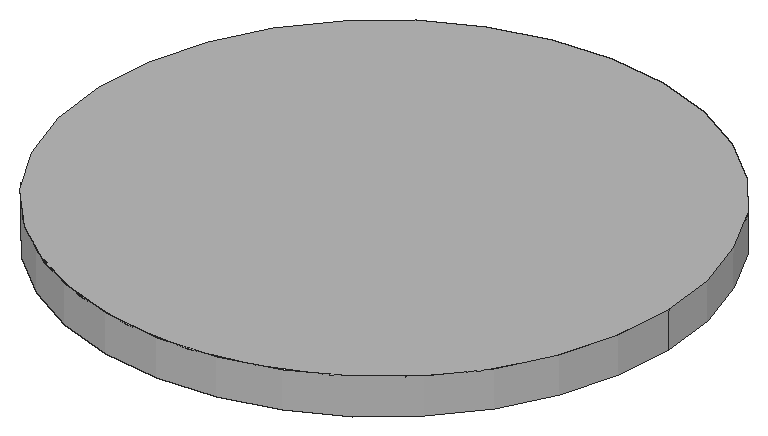
Revit family "Sanitary_Wash-basins_DURAVIT-AG_DuraStyle-Washbowl-430-mm-034943", category Plumbing Fixtures, Revit 2018
Family settings
  Round Connector Dimension = Use Diameter
  Part Type = Normal
  OmniClass Number = 23.31.13.00
  OmniClass Title = Sinks
  Work Plane-Based = Yes
  Always vertical = No
  Cut with Voids When Loaded = No
  Shared = No
  Room Calculation Point = No
Parameters (values of type "00 - White Alpin")
  Youtube clip = "http://pro.duravit.com/p/034943"
  Uniformat II Description = "Plumbing Fixtures"
  Uniformat II Code = "D2010"
  Uniclass 2015 Name = "Wash basins, sinks and troughs"
  Uniclass 2015 Code = "Pr_40_20_96"
  URL = "https://www.duravit.com/"
  UNSPSC Code = "30181504"
  Technical description = "http://pro.duravit.com/p/034943"
  Secondary material = Duravit - Metal - 10 - Chrome
  Region South America = "AR, BO, BR, CL, CO, EC, FK, GF, GY, PE, PY, SR, UY, VE"  # constant formula
  Region Oceania = "AS, AU, CK, FJ, FM, GU, KI, MH, MP, NC, NF, NR, NU, NZ, PF, PG, PN, PW, SB, TK, TL, TO, TV, UM, WF, WS, VU"  # constant formula
  Region North America = "AG, AI, AW, BB, BL, BM, BQ, BS, BZ, CA, CR, CU, CW, DM, DO, GD, GL, GP, GT, HN, HT, JM, KN, KY, LC, MF, MQ, MS, MX, NI, PA, PM, PR, SV, SX, TC, TT, US, VC, VG, VI"  # constant formula
  Region Middle East = "AE, AF, BH, EG, IL, IQ, IR, JO, KW, LB, OM, PS, QA, SA, SY, TR, YE"  # constant formula
  Region Europe = "AD, AL, AT, AX, BA, BE, BG, BY, CH, CY, CZ, DE, DK, EE, ES, FI, FO, FR, GB, GG, GI, GR, HR, HU, IE, IM, IS, IT, JE, LI, LT, LU, LV, MC, MD, ME, MK, MT, NL, NO, PL, PT, RO, RS, RU, SE, SI, SJ, SK, SM, UA, VA"  # constant formula
  Region Asia = "AM, AZ, BD, BN, BT, CC, CN, CX, GE, HK, ID, IN, IO, JP, KG, KH, KP, KR, KZ, LA, LK, MM, MN, MO, MV, MY, NP, PH, PK, SG, TH, TJ, TM, TW, UZ, VN"  # constant formula
  Region Antarctica = "AQ, BV, GS, HM, TF"  # constant formula
  Region Africa = "AO, BF, BI, BJ, BW, CD, CF, CG, CI, CM, CV, DJ, DZ, EH, ER, ET, GA, GH, GM, GN, GQ, GW, KE, KM, LR, LS, LY, MA, MG, ML, MR, MU, MW, MZ, NA, NE, NG, RE, RW, SC, SD, SH, SL, SN, SO, SS, ST, SZ, TD, TG, TN, TZ, UG, YT, ZA, ZM, ZW"  # constant formula
  QR code = "http://bimobject.com/duravit/product/DuraStyle-Washbowl-430-mm-034943"
  Product url = "http://pro.duravit.com/p/034943"
  Product name = "DuraStyle Washbowl 430 mm - 034943"
  Product group = "Washbowl"
  Product family = "DuraStyle"
  Product data url = "https://bimobject.com/duravit/product/DuraStyle-Washbowl-430-mm-034943"
  Product certification = "http://pro.duravit.com/p/034943"
  Product SKU = "DuraStyle-Washbowl-430-mm-034943"
  Product Guid = "abcf2ea6-8241-4332-9a7d-c5d16d500d09"
  Outlet Diameter = 32 mm  # constant formula
  OmniClass Description = "Sinks"
  OmniClass Code = "23-31 13 00"
  Model = "DuraStyle Washbowl 430 mm - 034943"  # constant formula
  Material main = "Ceramics"
  Masterformat 2014 Description = "Residential Lavatories"
  Masterformat 2014 Code = "22 41 16.13"
  Manufacturer name = "DURAVIT AG"
  Manufacturer country = "Germany"  # constant formula
  Manufacturer = "Duravit"  # constant formula
  Main material = Duravit - Ceramic - 00 - White Alpin
  Installation instructions = "https://pro.duravit.com/p/034943"
  IFC Classification = "Sanitary Terminal"
  Edition number = 1
  ETIM classification = "EC011550 | Washbasin"  # constant formula
  Design country = "Germany"
  Description = "Duravit DuraStyle Washbowl 430 mm White High Gloss - 0349430000"
  Default Elevation = 1219.200 mm
  Connector Description = "Water outlet"  # constant formula
  BIMobject category = "Wash basins"
Types (2, lengths in mm): name | Main material | Description
  00 - White Alpin | Duravit - Ceramic - 00 - White Alpin | "Duravit DuraStyle Washbowl 430 mm White High Gloss - 0349430000"
  00 - White Alpin WonderGliss | Duravit - Ceramic - 00 - White Alpin WonderGliss | "Duravit DuraStyle Washbowl 430 mm White High Gloss, WonderGliss - 03494300001"
Reference planes
  plane 1 "Center (Front/Back)": y = 0
  plane 2: z = 0
  plane 3 "Center (Left/Right)": x = 0
Forms (mm)
  Extrusion 1, solid, material "Duravit - Metal - 10 - Chrome" <- "Secondary material"
    sketch origin (0, 0.986, 0) x (1, 0, 0) y (0, 1, 0)
      loop
        circle (0, 0) r 37.282
    from 20.613 to 25.348
Dimensions and locks
  aligned and locked: plane 2 to level
Nested families
  nested 1: "2D_NotScalableMain_f76c16cf-e674-4d74-afb5-b522a29b9cd4" at (0, 0, 0), type "Default"
    with BOS_4_Visibility yes, BOS_3_Visibility yes
Connectors
  piping at (0, 0, 0), diameter 32, driven by "Outlet Diameter", driven by "Connector Description"
    settings: on free form element, index 1, connector inside diameter 609.6 mm, connector length 0.000 mm, flow factor 0, pipe flow 0.0 L/s, pressure drop 0.0 Pa, fitting loss kfactor 0, connector angle 0.00°, fixture units 0, engagement length 0.000 mm, angle of deflection 0.00°, flow configuration 0, flow direction 2, fitting loss method 0, system type 16, joint type 0, gender type 0, connector reference index -1, connector utility 0, adjustable connector no, is connector primary yes, connector description "Water outlet"
Definition of nested family "2D_NotScalableMain_f76c16cf-e674-4d74-afb5-b522a29b9cd4"
  Parameters (values of type "Default")
    BOS_4_Visibility [instance] = no
    BOS_3_Visibility [instance] = no
  Reference planes
    plane 1 "Center (Front/Back)": y = 0
    plane 2: z = 0
    plane 3 "Center (Left/Right)": x = 0
  Lines and regions (mm)
    Masking region 1, in view "Ref. Level", visible <- "BOS_4_Visibility"
      outline origin (0, 0, 0) x (1, 0, 0) y (0, 1, 0)
        loop
          line (214.752, -119.752) -> (214.752, 47.011) -> (214.752, 119.752)
          arc (214.752, 119.752) -> (186.927, 186.927) -> (119.752, 214.752) r 95
          line (119.752, 214.752) -> (20.425, 214.752) -> (0, 214.752) -> (-20.425, 214.752) -> (-119.752, 214.752)
          arc (-119.752, 214.752) -> (-186.927, 186.927) -> (-214.752, 119.752) r 95
          line (-214.752, 119.752) -> (-214.752, 47.011) -> (-214.752, -119.752)
          arc (-214.752, -119.752) -> (-186.927, -186.927) -> (-119.752, -214.752) r 95
          line (-119.752, -214.752) -> (0, -214.752) -> (119.752, -214.752)
          arc (119.752, -214.752) -> (186.927, -186.927) -> (214.752, -119.752) r 95
    reference lines, in view "Ref. Level"
      curve 1: line (0, 0, 0) -> (0, 3.175, 0)
      curve 2: line (0, 0, 0) -> (3.175, 0, 0)
    detail lines, in view "Ref. Level", visible <- "BOS_3_Visibility", detail levels fine
      curve 3: arc (-27.345, 28.365, 0) -> (-32.146, 22.496, 0) -> (-35.714, 15.807, 0) r 38.799
      curve 4: arc (-35.714, 15.807, 0) -> (-37.913, 8.551, 0) -> (-38.657, 1.006, 0) r 38.765
      curve 5: arc (-38.657, 1.006, 0) -> (-37.915, -6.537, 0) -> (-35.715, -13.789, 0) r 38.613
      curve 6: arc (-35.715, -13.789, 0) -> (-32.141, -20.472, 0) -> (-27.332, -26.329, 0) r 38.645
      curve 7: arc (-27.332, -26.329, 0) -> (-21.471, -31.136, 0) -> (-14.785, -34.708, 0) r 38.671
      curve 8: arc (-14.785, -34.708, 0) -> (-7.53, -36.906, 0) -> (0.014, -37.646, 0) r 38.66
      curve 9: arc (0.014, -37.646, 0) -> (7.557, -36.901, 0) -> (14.81, -34.697, 0) r 38.66
      curve 10: arc (14.81, -34.697, 0) -> (21.494, -31.121, 0) -> (27.352, -26.31, 0) r 38.671
      curve 11: arc (27.352, -26.31, 0) -> (32.157, -20.449, 0) -> (35.726, -13.763, 0) r 38.645
      curve 12: arc (35.726, -13.763, 0) -> (37.921, -6.51, 0) -> (38.657, 1.033, 0) r 38.613
      curve 13: arc (38.657, 1.033, 0) -> (37.907, 8.578, 0) -> (35.704, 15.832, 0) r 38.765
      curve 14: arc (35.704, 15.832, 0) -> (32.131, 22.519, 0) -> (27.326, 28.384, 0) r 38.799
      curve 15: arc (27.326, 28.384, 0) -> (21.47, 33.199, 0) -> (14.786, 36.775, 0) r 38.582
      curve 16: arc (14.786, 36.775, 0) -> (7.531, 38.976, 0) -> (-0.014, 39.718, 0) r 38.618
      curve 17: arc (-0.014, 39.718, 0) -> (-7.558, 38.971, 0) -> (-14.811, 36.765, 0) r 38.619
      curve 18: arc (-14.811, 36.765, 0) -> (-21.493, 33.183, 0) -> (-27.345, 28.365, 0) r 38.582
  Dimensions and locks
    curve 1 to curve 1 = 3.175 mm
    curve 2 to curve 2 = 3.175 mm
    aligned and locked: plane 1 "Center (Front/Back)" to curve 1
    aligned and locked: plane 3 "Center (Left/Right)" to curve 1
    aligned and locked: plane 1 "Center (Front/Back)" to curve 2
